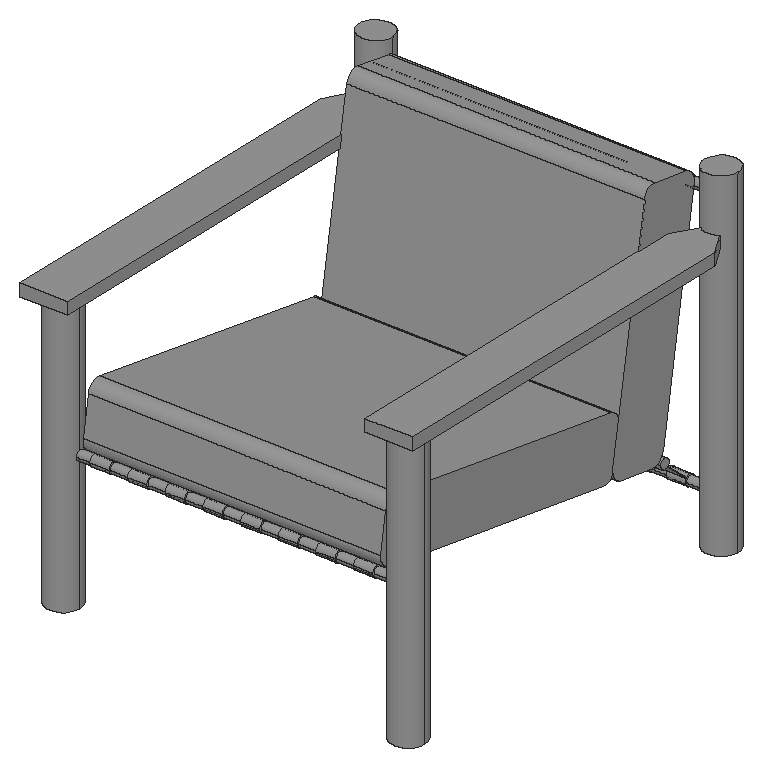
Revit family "13285 Кресло «Eco lounge» Хоббика", category Антураж, Revit 2018
Family settings
  На основе рабочей плоскости = Нет
  Всегда вертикально = Да
  При загрузке вырезать с полостями = Нет
  Источник визуального образа = Геометрия семейства
  Общий = Нет
  Точка расчета площади = Нет
Parameters (values of type "Версия лиственница")
  Ширина = 900 mm  # constant formula
  Цвет подушек = Подушка
  Цвет отделки = Ангарская сосна
  Описание = if(Версия ангарская сосна, "Кресло «Eco lounge». Версия ангарская сосна", "Кресло «Eco lounge». Версия лиственница")  # "Кресло «Eco lounge». Версия лиственница"
  Материал изделия = "Дерево"  # constant formula
  Изображение типоразмера = Кресло «Eco lounge» Арт 13285.jpg
  Изготовитель = "ООО «Хоббика»"  # constant formula
  Длина = 820 mm  # constant formula
  Группа модели = "Мебель для дома и террас"  # constant formula
  Высота = 710 mm  # constant formula
  Версия лиственница = not(Версия ангарская сосна)  # yes
  Версия ангарская сосна = no
  Артикул товара = "Арт 13285"  # constant formula
  URL = "https://hobbyka.ru/product/kreslo_eco_lounge"
Types (3, lengths in mm): name | Описание | Версия лиственница | Версия ангарская сосна
  (no name) | "Кресло «Eco lounge». Версия лиственница" | yes | no
  Версия ангарская сосна | "Кресло «Eco lounge». Версия ангарская сосна" | no | yes
  Версия лиственница | "Кресло «Eco lounge». Версия лиственница" | yes | no
Reference planes
  plane 1 "По центру (Вперед/Назад)": y = 0
  plane 2: z = 0
  plane 3 "По центру (Влево/Вправо)": x = 0
  plane 4: x = 820
  plane 5: y = 900
  plane 6: z = 710
Forms (mm)
  Extrusion 1, solid, material "Ангарская сосна" <- "Цвет отделки"
    sketch origin (0, 0, 0) x (1, 0, 0) y (0, 1, 0)
      loop
        line (28.868, 835) -> (0, 785) -> (0, 0) -> (100, 0) -> (100, 785) -> (71.132, 835) -> (28.868, 835)
      loop
        line (820, 0) -> (820, 785) -> (791.132, 835) -> (748.868, 835) -> (720, 785) -> (720, 0) -> (820, 0)
    from 575 to 600
  Extrusion 2, solid, material "Ангарская сосна" <- "Цвет отделки"
    sketch origin (0, 0, 0) x (1, 0, 0) y (0, 1, 0)
      loop
        circle (50, 865) r 35
      loop
        circle (770, 865) r 35
    from 0 to 710
  Extrusion 3, solid, material "Ангарская сосна" <- "Цвет отделки"
    sketch origin (0, -815, 0) x (1, 0, 0) y (0, 1, 0)
      loop
        circle (50, 865) r 35
      loop
        circle (770, 865) r 35
    from 0 to 575
  Extrusion 4, solid, material "Ангарская сосна" <- "Цвет отделки"
    sketch origin (0, 0, 0) x (0, 1, 0) y (0, 0, 1)
      loop
        circle (50, 287.5) r 10
      loop
        circle (865, 100) r 10
      loop
        circle (865, 660) r 10
    from 50 to 770
  Extrusion 5, solid, material "Ангарская сосна" <- "Цвет отделки"
    sketch origin (0, 0, 0) x (0, 1, 0) y (0, 0, 1)
      loop
        circle (780.781, 172.368) r 10
    from 100 to 720
  Extrusion 6, solid, material "Ткань дл якаркаса"
    sketch origin (0, 0, 0) x (0, 1, 0) y (0, 0, 1)
      loop
        circle (780.781, 172.368) r 10
      loop
        circle (865, 100) r 10
      loop
        circle (50, 287.5) r 10
      loop
        circle (865, 660) r 10
      loop
        arc (863.621, 649.08) -> (872.187, 651.81) -> (875.858, 660.016) r 11.005
        arc (875.858, 660.016) -> (864.939, 670.936) -> (854.019, 660.016) r 10.92
        arc (854.019, 660.016) -> (856.484, 653.06) -> (862.778, 649.208) r 11.047
        line (862.778, 649.208) -> (782.152, 183.23)
        arc (782.152, 183.23) -> (774.401, 181.273) -> (770.05, 174.565) r 10.94
        line (770.05, 174.565) -> (60.933, 286.284)
        arc (60.933, 286.284) -> (50.609, 298.483) -> (39, 287.5) r 11
        arc (39, 287.5) -> (48.892, 276.556) -> (60.777, 285.296) r 11
        line (60.777, 285.296) -> (769.895, 173.577)
        arc (769.895, 173.577) -> (776.253, 162.379) -> (788.88, 164.902) r 10.992
        line (788.88, 164.902) -> (856.34, 106.782)
        arc (856.34, 106.782) -> (861.413, 89.601) -> (876, 100) r 11
        arc (876, 100) -> (869.056, 110.225) -> (856.991, 107.541) r 11
        line (856.991, 107.541) -> (789.447, 165.58)
        arc (789.447, 165.58) -> (791.153, 168.761) -> (791.743, 172.322) r 11.046
        arc (791.743, 172.322) -> (789.325, 179.203) -> (783.134, 183.058) r 11
        line (783.134, 183.058) -> (863.621, 649.08)
    from 115 to 155
  Extrusion 7, solid, material "Ткань дл якаркаса"
    sketch origin (0, 0, 0) x (0, 1, 0) y (0, 0, 1)
      loop
        circle (780.781, 172.368) r 10
      loop
        circle (865, 100) r 10
      loop
        circle (50, 287.5) r 10
      loop
        circle (865, 660) r 10
      loop
        arc (863.621, 649.08) -> (872.187, 651.81) -> (875.858, 660.016) r 11.005
        arc (875.858, 660.016) -> (864.939, 670.936) -> (854.019, 660.016) r 10.92
        arc (854.019, 660.016) -> (856.484, 653.06) -> (862.778, 649.208) r 11.047
        line (862.778, 649.208) -> (782.152, 183.23)
        arc (782.152, 183.23) -> (774.401, 181.273) -> (770.05, 174.565) r 10.94
        line (770.05, 174.565) -> (60.933, 286.284)
        arc (60.933, 286.284) -> (50.609, 298.483) -> (39, 287.5) r 11
        arc (39, 287.5) -> (48.892, 276.556) -> (60.777, 285.296) r 11
        line (60.777, 285.296) -> (769.895, 173.577)
        arc (769.895, 173.577) -> (776.253, 162.379) -> (788.88, 164.902) r 10.992
        line (788.88, 164.902) -> (856.34, 106.782)
        arc (856.34, 106.782) -> (861.413, 89.601) -> (876, 100) r 11
        arc (876, 100) -> (869.056, 110.225) -> (856.991, 107.541) r 11
        line (856.991, 107.541) -> (789.447, 165.58)
        arc (789.447, 165.58) -> (791.153, 168.761) -> (791.743, 172.322) r 11.046
        arc (791.743, 172.322) -> (789.325, 179.203) -> (783.134, 183.058) r 11
        line (783.134, 183.058) -> (863.621, 649.08)
    from 193.571 to 233.571
  Extrusion 8, solid, material "Ткань дл якаркаса"
    sketch origin (0, 0, 0) x (0, 1, 0) y (0, 0, 1)
      loop
        circle (780.781, 172.368) r 10
      loop
        circle (865, 100) r 10
      loop
        circle (50, 287.5) r 10
      loop
        circle (865, 660) r 10
      loop
        arc (863.621, 649.08) -> (872.187, 651.81) -> (875.858, 660.016) r 11.005
        arc (875.858, 660.016) -> (864.939, 670.936) -> (854.019, 660.016) r 10.92
        arc (854.019, 660.016) -> (856.484, 653.06) -> (862.778, 649.208) r 11.047
        line (862.778, 649.208) -> (782.152, 183.23)
        arc (782.152, 183.23) -> (774.401, 181.273) -> (770.05, 174.565) r 10.94
        line (770.05, 174.565) -> (60.933, 286.284)
        arc (60.933, 286.284) -> (50.609, 298.483) -> (39, 287.5) r 11
        arc (39, 287.5) -> (48.892, 276.556) -> (60.777, 285.296) r 11
        line (60.777, 285.296) -> (769.895, 173.577)
        arc (769.895, 173.577) -> (776.253, 162.379) -> (788.88, 164.902) r 10.992
        line (788.88, 164.902) -> (856.34, 106.782)
        arc (856.34, 106.782) -> (861.413, 89.601) -> (876, 100) r 11
        arc (876, 100) -> (869.056, 110.225) -> (856.991, 107.541) r 11
        line (856.991, 107.541) -> (789.447, 165.58)
        arc (789.447, 165.58) -> (791.153, 168.761) -> (791.743, 172.322) r 11.046
        arc (791.743, 172.322) -> (789.325, 179.203) -> (783.134, 183.058) r 11
        line (783.134, 183.058) -> (863.621, 649.08)
    from 272.143 to 312.143
  Extrusion 9, solid, material "Ткань дл якаркаса"
    sketch origin (0, 0, 0) x (0, 1, 0) y (0, 0, 1)
      loop
        circle (780.781, 172.368) r 10
      loop
        circle (865, 100) r 10
      loop
        circle (50, 287.5) r 10
      loop
        circle (865, 660) r 10
      loop
        arc (863.621, 649.08) -> (872.187, 651.81) -> (875.858, 660.016) r 11.005
        arc (875.858, 660.016) -> (864.939, 670.936) -> (854.019, 660.016) r 10.92
        arc (854.019, 660.016) -> (856.484, 653.06) -> (862.778, 649.208) r 11.047
        line (862.778, 649.208) -> (782.152, 183.23)
        arc (782.152, 183.23) -> (774.401, 181.273) -> (770.05, 174.565) r 10.94
        line (770.05, 174.565) -> (60.933, 286.284)
        arc (60.933, 286.284) -> (50.609, 298.483) -> (39, 287.5) r 11
        arc (39, 287.5) -> (48.892, 276.556) -> (60.777, 285.296) r 11
        line (60.777, 285.296) -> (769.895, 173.577)
        arc (769.895, 173.577) -> (776.253, 162.379) -> (788.88, 164.902) r 10.992
        line (788.88, 164.902) -> (856.34, 106.782)
        arc (856.34, 106.782) -> (861.413, 89.601) -> (876, 100) r 11
        arc (876, 100) -> (869.056, 110.225) -> (856.991, 107.541) r 11
        line (856.991, 107.541) -> (789.447, 165.58)
        arc (789.447, 165.58) -> (791.153, 168.761) -> (791.743, 172.322) r 11.046
        arc (791.743, 172.322) -> (789.325, 179.203) -> (783.134, 183.058) r 11
        line (783.134, 183.058) -> (863.621, 649.08)
    from 350.714 to 390.714
  Extrusion 10, solid, material "Ткань дл якаркаса"
    sketch origin (0, 0, 0) x (0, 1, 0) y (0, 0, 1)
      loop
        circle (780.781, 172.368) r 10
      loop
        circle (865, 100) r 10
      loop
        circle (50, 287.5) r 10
      loop
        circle (865, 660) r 10
      loop
        arc (863.621, 649.08) -> (872.187, 651.81) -> (875.858, 660.016) r 11.005
        arc (875.858, 660.016) -> (864.939, 670.936) -> (854.019, 660.016) r 10.92
        arc (854.019, 660.016) -> (856.484, 653.06) -> (862.778, 649.208) r 11.047
        line (862.778, 649.208) -> (782.152, 183.23)
        arc (782.152, 183.23) -> (774.401, 181.273) -> (770.05, 174.565) r 10.94
        line (770.05, 174.565) -> (60.933, 286.284)
        arc (60.933, 286.284) -> (50.609, 298.483) -> (39, 287.5) r 11
        arc (39, 287.5) -> (48.892, 276.556) -> (60.777, 285.296) r 11
        line (60.777, 285.296) -> (769.895, 173.577)
        arc (769.895, 173.577) -> (776.253, 162.379) -> (788.88, 164.902) r 10.992
        line (788.88, 164.902) -> (856.34, 106.782)
        arc (856.34, 106.782) -> (861.413, 89.601) -> (876, 100) r 11
        arc (876, 100) -> (869.056, 110.225) -> (856.991, 107.541) r 11
        line (856.991, 107.541) -> (789.447, 165.58)
        arc (789.447, 165.58) -> (791.153, 168.761) -> (791.743, 172.322) r 11.046
        arc (791.743, 172.322) -> (789.325, 179.203) -> (783.134, 183.058) r 11
        line (783.134, 183.058) -> (863.621, 649.08)
    from 429.286 to 469.286
  Extrusion 11, solid, material "Ткань дл якаркаса"
    sketch origin (0, 0, 0) x (0, 1, 0) y (0, 0, 1)
      loop
        circle (780.781, 172.368) r 10
      loop
        circle (865, 100) r 10
      loop
        circle (50, 287.5) r 10
      loop
        circle (865, 660) r 10
      loop
        arc (863.621, 649.08) -> (872.187, 651.81) -> (875.858, 660.016) r 11.005
        arc (875.858, 660.016) -> (864.939, 670.936) -> (854.019, 660.016) r 10.92
        arc (854.019, 660.016) -> (856.484, 653.06) -> (862.778, 649.208) r 11.047
        line (862.778, 649.208) -> (782.152, 183.23)
        arc (782.152, 183.23) -> (774.401, 181.273) -> (770.05, 174.565) r 10.94
        line (770.05, 174.565) -> (60.933, 286.284)
        arc (60.933, 286.284) -> (50.609, 298.483) -> (39, 287.5) r 11
        arc (39, 287.5) -> (48.892, 276.556) -> (60.777, 285.296) r 11
        line (60.777, 285.296) -> (769.895, 173.577)
        arc (769.895, 173.577) -> (776.253, 162.379) -> (788.88, 164.902) r 10.992
        line (788.88, 164.902) -> (856.34, 106.782)
        arc (856.34, 106.782) -> (861.413, 89.601) -> (876, 100) r 11
        arc (876, 100) -> (869.056, 110.225) -> (856.991, 107.541) r 11
        line (856.991, 107.541) -> (789.447, 165.58)
        arc (789.447, 165.58) -> (791.153, 168.761) -> (791.743, 172.322) r 11.046
        arc (791.743, 172.322) -> (789.325, 179.203) -> (783.134, 183.058) r 11
        line (783.134, 183.058) -> (863.621, 649.08)
    from 507.857 to 547.857
  Extrusion 12, solid, material "Ткань дл якаркаса"
    sketch origin (0, 0, 0) x (0, 1, 0) y (0, 0, 1)
      loop
        circle (780.781, 172.368) r 10
      loop
        circle (865, 100) r 10
      loop
        circle (50, 287.5) r 10
      loop
        circle (865, 660) r 10
      loop
        arc (863.621, 649.08) -> (872.187, 651.81) -> (875.858, 660.016) r 11.005
        arc (875.858, 660.016) -> (864.939, 670.936) -> (854.019, 660.016) r 10.92
        arc (854.019, 660.016) -> (856.484, 653.06) -> (862.778, 649.208) r 11.047
        line (862.778, 649.208) -> (782.152, 183.23)
        arc (782.152, 183.23) -> (774.401, 181.273) -> (770.05, 174.565) r 10.94
        line (770.05, 174.565) -> (60.933, 286.284)
        arc (60.933, 286.284) -> (50.609, 298.483) -> (39, 287.5) r 11
        arc (39, 287.5) -> (48.892, 276.556) -> (60.777, 285.296) r 11
        line (60.777, 285.296) -> (769.895, 173.577)
        arc (769.895, 173.577) -> (776.253, 162.379) -> (788.88, 164.902) r 10.992
        line (788.88, 164.902) -> (856.34, 106.782)
        arc (856.34, 106.782) -> (861.413, 89.601) -> (876, 100) r 11
        arc (876, 100) -> (869.056, 110.225) -> (856.991, 107.541) r 11
        line (856.991, 107.541) -> (789.447, 165.58)
        arc (789.447, 165.58) -> (791.153, 168.761) -> (791.743, 172.322) r 11.046
        arc (791.743, 172.322) -> (789.325, 179.203) -> (783.134, 183.058) r 11
        line (783.134, 183.058) -> (863.621, 649.08)
    from 586.429 to 626.429
  Extrusion 13, solid, material "Ткань дл якаркаса"
    sketch origin (0, 0, 0) x (0, 1, 0) y (0, 0, 1)
      loop
        circle (780.781, 172.368) r 10
      loop
        circle (865, 100) r 10
      loop
        circle (50, 287.5) r 10
      loop
        circle (865, 660) r 10
      loop
        arc (863.621, 649.08) -> (872.187, 651.81) -> (875.858, 660.016) r 11.005
        arc (875.858, 660.016) -> (864.939, 670.936) -> (854.019, 660.016) r 10.92
        arc (854.019, 660.016) -> (856.484, 653.06) -> (862.778, 649.208) r 11.047
        line (862.778, 649.208) -> (782.152, 183.23)
        arc (782.152, 183.23) -> (774.401, 181.273) -> (770.05, 174.565) r 10.94
        line (770.05, 174.565) -> (60.933, 286.284)
        arc (60.933, 286.284) -> (50.609, 298.483) -> (39, 287.5) r 11
        arc (39, 287.5) -> (48.892, 276.556) -> (60.777, 285.296) r 11
        line (60.777, 285.296) -> (769.895, 173.577)
        arc (769.895, 173.577) -> (776.253, 162.379) -> (788.88, 164.902) r 10.992
        line (788.88, 164.902) -> (856.34, 106.782)
        arc (856.34, 106.782) -> (861.413, 89.601) -> (876, 100) r 11
        arc (876, 100) -> (869.056, 110.225) -> (856.991, 107.541) r 11
        line (856.991, 107.541) -> (789.447, 165.58)
        arc (789.447, 165.58) -> (791.153, 168.761) -> (791.743, 172.322) r 11.046
        arc (791.743, 172.322) -> (789.325, 179.203) -> (783.134, 183.058) r 11
        line (783.134, 183.058) -> (863.621, 649.08)
    from 665 to 705
  Extrusion 14, solid, material "Подушка" <- "Цвет подушек"
    sketch origin (0, -60.914, 59.335) x (0, 0.999983, 0.005795) y (0, -0.005795, 0.999983)
      loop
        arc (919.849, 601.884) -> (915.756, 620.575) -> (899.644, 630.897) r 25
        line (899.644, 630.897) -> (820.895, 644.989)
        arc (820.895, 644.989) -> (802.204, 640.895) -> (791.882, 624.783) r 25
        line (791.882, 624.783) -> (708.212, 157.211)
        arc (708.212, 157.211) -> (712.306, 138.52) -> (728.417, 128.198) r 25
        line (728.417, 128.198) -> (807.166, 114.106)
        arc (807.166, 114.106) -> (825.857, 118.2) -> (836.179, 134.311) r 25
        line (836.179, 134.311) -> (919.849, 601.884)
    from 100 to 720
  Extrusion 15, solid, material "Подушка" <- "Цвет подушек"
    sketch origin (0, 779.41, -506.335) x (0, -0.006483, 0.999979) y (0, -0.999979, -0.006483)
      loop
        arc (935.703, 690.477) -> (931.609, 709.168) -> (915.497, 719.49) r 25
        line (915.497, 719.49) -> (836.748, 733.582)
        arc (836.748, 733.582) -> (818.057, 729.488) -> (807.736, 713.376) r 25
        line (807.736, 713.376) -> (708.212, 157.211)
        arc (708.212, 157.211) -> (712.306, 138.52) -> (728.417, 128.198) r 25
        line (728.417, 128.198) -> (807.166, 114.106)
        arc (807.166, 114.106) -> (825.857, 118.2) -> (836.179, 134.311) r 25
        line (836.179, 134.311) -> (935.703, 690.477)
    from 100 to 720
Cuts and joins
  joined: Extrusion 1, Extrusion 2, Extrusion 3
Dimensions and locks
  "Ширина": plane 5 to plane 1 "По центру (Вперед/Назад)"
  "Длина": plane 3 "По центру (Влево/Вправо)" to plane 4
  "Высота": plane 6 to plane 2
  aligned and locked: level to plane 2
Automatic sketch dimensions
  plane 1 "По центру (Вперед/Назад)" to Extrusion 1 sketch curve = 0 mm  (x2)
  Extrusion 1 sketch curve to plane 3 "По центру (Влево/Вправо)" = 0 mm
  Extrusion 1 sketch curve to plane 4 = 0 mm
  plane 3 "По центру (Влево/Вправо)" to Extrusion 1 sketch curve = 28.868 mm
  Extrusion 1 sketch curve to Extrusion 1 sketch curve = 42.265 mm
  plane 3 "По центру (Влево/Вправо)" to Extrusion 1 sketch curve = 100 mm
  Extrusion 1 sketch curve to plane 4 = 100 mm
  Extrusion 1 sketch curve to Extrusion 1 sketch curve = 28.868 mm
  Extrusion 1 sketch curve to plane 4 = 28.868 mm
  Extrusion 1 sketch curve to plane 5 = 115 mm  (x2)
  Extrusion 1 sketch curve to Extrusion 1 sketch curve = 0 mm  (x2)
  Extrusion 1 sketch curve to Extrusion 1 sketch curve = 50 mm  (x2)
  plane 3 "По центру (Влево/Вправо)" to Extrusion 2 sketch curve = 50 mm
  Extrusion 2 sketch curve to plane 4 = 50 mm
  Extrusion 2 sketch curve to plane 5 = 35 mm  (x2)
  plane 3 "По центру (Влево/Вправо)" to Extrusion 3 sketch curve = 50 mm
  Extrusion 3 sketch curve to plane 4 = 50 mm
  Extrusion 3 sketch curve to plane 1 "По центру (Вперед/Назад)" = 50 mm  (x2)
  Extrusion 4 sketch curve to plane 1 "По центру (Вперед/Назад)" = 50 mm
  Extrusion 4 sketch curve to plane 5 = 35 mm  (x2)
  level to Extrusion 4 sketch curve = 100 mm
  level to Extrusion 4 sketch curve = 287.5 mm
  Extrusion 4 sketch curve to plane 6 = 50 mm
  Extrusion 5 sketch curve to plane 5 = 119.219 mm
  level to Extrusion 5 sketch curve = 172.368 mm
  Extrusion 6 sketch curve to Extrusion 6 sketch curve = 0 mm  (x28)
  Extrusion 6 sketch curve to plane 1 "По центру (Вперед/Назад)" = 50 mm
  Extrusion 6 sketch curve to Extrusion 6 sketch curve = 10.777 mm
  Extrusion 6 sketch curve to Extrusion 6 sketch curve = 0.156 mm
  Extrusion 6 sketch curve to plane 5 = 130.105 mm
  Extrusion 6 sketch curve to Extrusion 6 sketch curve = 0.155 mm
  Extrusion 6 sketch curve to Extrusion 6 sketch curve = 10.802 mm
  Extrusion 6 sketch curve to Extrusion 6 sketch curve = 0.046 mm
  Extrusion 6 sketch curve to Extrusion 6 sketch curve = 0.026 mm
  Extrusion 6 sketch curve to Extrusion 6 sketch curve = 0.011 mm
  Extrusion 6 sketch curve to Extrusion 6 sketch curve = 0.041 mm
  Extrusion 6 sketch curve to Extrusion 6 sketch curve = 1.331 mm
  Extrusion 6 sketch curve to Extrusion 6 sketch curve = 0.982 mm
  Extrusion 6 sketch curve to Extrusion 6 sketch curve = 8.059 mm
  Extrusion 6 sketch curve to Extrusion 6 sketch curve = 0.567 mm
  Extrusion 6 sketch curve to plane 5 = 43.66 mm
  Extrusion 6 sketch curve to Extrusion 6 sketch curve = 0.652 mm
  Extrusion 6 sketch curve to plane 5 = 37.222 mm
  Extrusion 6 sketch curve to Extrusion 6 sketch curve = 0.843 mm
  Extrusion 6 sketch curve to Extrusion 6 sketch curve = 1.232 mm
  Extrusion 6 sketch curve to Extrusion 6 sketch curve = 0.086 mm
  Extrusion 6 sketch curve to Extrusion 6 sketch curve = 8.009 mm
  Extrusion 6 sketch curve to Extrusion 6 sketch curve = 0.061 mm
  Extrusion 6 sketch curve to Extrusion 6 sketch curve = 0.067 mm
  level to Extrusion 6 sketch curve = 100 mm
  Extrusion 6 sketch curve to Extrusion 6 sketch curve = 6.782 mm
  Extrusion 6 sketch curve to Extrusion 6 sketch curve = 58.12 mm
  Extrusion 6 sketch curve to Extrusion 6 sketch curve = 0.678 mm
  Extrusion 6 sketch curve to Extrusion 6 sketch curve = 6.741 mm
  Extrusion 6 sketch curve to Extrusion 6 sketch curve = 0.047 mm
  Extrusion 6 sketch curve to Extrusion 6 sketch curve = 0.009 mm  (x2)
  Extrusion 6 sketch curve to Extrusion 6 sketch curve = 0.988 mm  (x2)
  level to Extrusion 6 sketch curve = 285.296 mm
  Extrusion 6 sketch curve to plane 6 = 60.92 mm
  Extrusion 6 sketch curve to Extrusion 6 sketch curve = 0.128 mm
  Extrusion 6 sketch curve to Extrusion 6 sketch curve = 0.016 mm
  Extrusion 6 sketch curve to Extrusion 6 sketch curve = 1 mm
  Extrusion 6 sketch curve to Extrusion 6 sketch curve = 0.886 mm
  Extrusion 6 sketch curve to Extrusion 6 sketch curve = 1.34 mm
  Extrusion 6 sketch curve to Extrusion 6 sketch curve = 0.981 mm
  Extrusion 7 sketch curve to Extrusion 7 sketch curve = 0 mm  (x28)
  Extrusion 7 sketch curve to plane 1 "По центру (Вперед/Назад)" = 50 mm
  Extrusion 7 sketch curve to Extrusion 7 sketch curve = 10.777 mm
  Extrusion 7 sketch curve to Extrusion 7 sketch curve = 0.156 mm
  Extrusion 7 sketch curve to plane 5 = 130.105 mm
  Extrusion 7 sketch curve to Extrusion 7 sketch curve = 0.155 mm
  Extrusion 7 sketch curve to Extrusion 7 sketch curve = 10.802 mm
  Extrusion 7 sketch curve to Extrusion 7 sketch curve = 0.046 mm
  Extrusion 7 sketch curve to Extrusion 7 sketch curve = 0.026 mm
  Extrusion 7 sketch curve to Extrusion 7 sketch curve = 0.011 mm
  Extrusion 7 sketch curve to Extrusion 7 sketch curve = 0.041 mm
  Extrusion 7 sketch curve to Extrusion 7 sketch curve = 1.331 mm
  Extrusion 7 sketch curve to Extrusion 7 sketch curve = 0.982 mm
  Extrusion 7 sketch curve to Extrusion 7 sketch curve = 8.059 mm
  Extrusion 7 sketch curve to Extrusion 7 sketch curve = 0.567 mm
  Extrusion 7 sketch curve to plane 5 = 43.66 mm
  Extrusion 7 sketch curve to Extrusion 7 sketch curve = 0.652 mm
  Extrusion 7 sketch curve to plane 5 = 37.222 mm
  Extrusion 7 sketch curve to Extrusion 7 sketch curve = 0.843 mm
  Extrusion 7 sketch curve to Extrusion 7 sketch curve = 1.232 mm
  Extrusion 7 sketch curve to Extrusion 7 sketch curve = 0.086 mm
  Extrusion 7 sketch curve to Extrusion 7 sketch curve = 8.009 mm
  Extrusion 7 sketch curve to Extrusion 7 sketch curve = 0.061 mm
  Extrusion 7 sketch curve to Extrusion 7 sketch curve = 0.067 mm
  level to Extrusion 7 sketch curve = 100 mm
  Extrusion 7 sketch curve to Extrusion 7 sketch curve = 6.782 mm
  Extrusion 7 sketch curve to Extrusion 7 sketch curve = 58.12 mm
  Extrusion 7 sketch curve to Extrusion 7 sketch curve = 0.678 mm
  Extrusion 7 sketch curve to Extrusion 7 sketch curve = 6.741 mm
  Extrusion 7 sketch curve to Extrusion 7 sketch curve = 0.047 mm
  Extrusion 7 sketch curve to Extrusion 7 sketch curve = 0.009 mm  (x2)
  Extrusion 7 sketch curve to Extrusion 7 sketch curve = 0.988 mm  (x2)
  level to Extrusion 7 sketch curve = 285.296 mm
  Extrusion 7 sketch curve to plane 6 = 60.92 mm
  Extrusion 7 sketch curve to Extrusion 7 sketch curve = 0.128 mm
  Extrusion 7 sketch curve to Extrusion 7 sketch curve = 0.016 mm
  Extrusion 7 sketch curve to Extrusion 7 sketch curve = 1 mm
  Extrusion 7 sketch curve to Extrusion 7 sketch curve = 0.886 mm
  Extrusion 7 sketch curve to Extrusion 7 sketch curve = 1.34 mm
  Extrusion 7 sketch curve to Extrusion 7 sketch curve = 0.981 mm
  Extrusion 8 sketch curve to Extrusion 8 sketch curve = 0 mm  (x28)
  Extrusion 8 sketch curve to plane 1 "По центру (Вперед/Назад)" = 50 mm
  Extrusion 8 sketch curve to Extrusion 8 sketch curve = 10.777 mm
  Extrusion 8 sketch curve to Extrusion 8 sketch curve = 0.156 mm
  Extrusion 8 sketch curve to plane 5 = 130.105 mm
  Extrusion 8 sketch curve to Extrusion 8 sketch curve = 0.155 mm
  Extrusion 8 sketch curve to Extrusion 8 sketch curve = 10.802 mm
  Extrusion 8 sketch curve to Extrusion 8 sketch curve = 0.046 mm
  Extrusion 8 sketch curve to Extrusion 8 sketch curve = 0.026 mm
  Extrusion 8 sketch curve to Extrusion 8 sketch curve = 0.011 mm
  Extrusion 8 sketch curve to Extrusion 8 sketch curve = 0.041 mm
  Extrusion 8 sketch curve to Extrusion 8 sketch curve = 1.331 mm
  Extrusion 8 sketch curve to Extrusion 8 sketch curve = 0.982 mm
  Extrusion 8 sketch curve to Extrusion 8 sketch curve = 8.059 mm
  Extrusion 8 sketch curve to Extrusion 8 sketch curve = 0.567 mm
  Extrusion 8 sketch curve to plane 5 = 43.66 mm
  Extrusion 8 sketch curve to Extrusion 8 sketch curve = 0.652 mm
  Extrusion 8 sketch curve to plane 5 = 37.222 mm
  Extrusion 8 sketch curve to Extrusion 8 sketch curve = 0.843 mm
  Extrusion 8 sketch curve to Extrusion 8 sketch curve = 1.232 mm
  Extrusion 8 sketch curve to Extrusion 8 sketch curve = 0.086 mm
  Extrusion 8 sketch curve to Extrusion 8 sketch curve = 8.009 mm
  Extrusion 8 sketch curve to Extrusion 8 sketch curve = 0.061 mm
  Extrusion 8 sketch curve to Extrusion 8 sketch curve = 0.067 mm
  level to Extrusion 8 sketch curve = 100 mm
  Extrusion 8 sketch curve to Extrusion 8 sketch curve = 6.782 mm
  Extrusion 8 sketch curve to Extrusion 8 sketch curve = 58.12 mm
  Extrusion 8 sketch curve to Extrusion 8 sketch curve = 0.678 mm
  Extrusion 8 sketch curve to Extrusion 8 sketch curve = 6.741 mm
  Extrusion 8 sketch curve to Extrusion 8 sketch curve = 0.047 mm
  Extrusion 8 sketch curve to Extrusion 8 sketch curve = 0.009 mm  (x2)
  Extrusion 8 sketch curve to Extrusion 8 sketch curve = 0.988 mm  (x2)
  level to Extrusion 8 sketch curve = 285.296 mm
  Extrusion 8 sketch curve to plane 6 = 60.92 mm
  Extrusion 8 sketch curve to Extrusion 8 sketch curve = 0.128 mm
  Extrusion 8 sketch curve to Extrusion 8 sketch curve = 0.016 mm
  Extrusion 8 sketch curve to Extrusion 8 sketch curve = 1 mm
  Extrusion 8 sketch curve to Extrusion 8 sketch curve = 0.886 mm
  Extrusion 8 sketch curve to Extrusion 8 sketch curve = 1.34 mm
  Extrusion 8 sketch curve to Extrusion 8 sketch curve = 0.981 mm
  Extrusion 9 sketch curve to Extrusion 9 sketch curve = 0 mm  (x28)
  Extrusion 9 sketch curve to plane 1 "По центру (Вперед/Назад)" = 50 mm
  Extrusion 9 sketch curve to Extrusion 9 sketch curve = 10.777 mm
  Extrusion 9 sketch curve to Extrusion 9 sketch curve = 0.156 mm
  Extrusion 9 sketch curve to plane 5 = 130.105 mm
  Extrusion 9 sketch curve to Extrusion 9 sketch curve = 0.155 mm
  Extrusion 9 sketch curve to Extrusion 9 sketch curve = 10.802 mm
  Extrusion 9 sketch curve to Extrusion 9 sketch curve = 0.046 mm
  Extrusion 9 sketch curve to Extrusion 9 sketch curve = 0.026 mm
  Extrusion 9 sketch curve to Extrusion 9 sketch curve = 0.011 mm
  Extrusion 9 sketch curve to Extrusion 9 sketch curve = 0.041 mm
  Extrusion 9 sketch curve to Extrusion 9 sketch curve = 1.331 mm
  Extrusion 9 sketch curve to Extrusion 9 sketch curve = 0.982 mm
  Extrusion 9 sketch curve to Extrusion 9 sketch curve = 8.059 mm
  Extrusion 9 sketch curve to Extrusion 9 sketch curve = 0.567 mm
  Extrusion 9 sketch curve to plane 5 = 43.66 mm
  Extrusion 9 sketch curve to Extrusion 9 sketch curve = 0.652 mm
  Extrusion 9 sketch curve to plane 5 = 37.222 mm
  Extrusion 9 sketch curve to Extrusion 9 sketch curve = 0.843 mm
  Extrusion 9 sketch curve to Extrusion 9 sketch curve = 1.232 mm
  Extrusion 9 sketch curve to Extrusion 9 sketch curve = 0.086 mm
  Extrusion 9 sketch curve to Extrusion 9 sketch curve = 8.009 mm
  Extrusion 9 sketch curve to Extrusion 9 sketch curve = 0.061 mm
  Extrusion 9 sketch curve to Extrusion 9 sketch curve = 0.067 mm
  level to Extrusion 9 sketch curve = 100 mm
  Extrusion 9 sketch curve to Extrusion 9 sketch curve = 6.782 mm
  Extrusion 9 sketch curve to Extrusion 9 sketch curve = 58.12 mm
  Extrusion 9 sketch curve to Extrusion 9 sketch curve = 0.678 mm
  Extrusion 9 sketch curve to Extrusion 9 sketch curve = 6.741 mm
  Extrusion 9 sketch curve to Extrusion 9 sketch curve = 0.047 mm
  Extrusion 9 sketch curve to Extrusion 9 sketch curve = 0.009 mm  (x2)
  Extrusion 9 sketch curve to Extrusion 9 sketch curve = 0.988 mm  (x2)
  level to Extrusion 9 sketch curve = 285.296 mm
  Extrusion 9 sketch curve to plane 6 = 60.92 mm
  Extrusion 9 sketch curve to Extrusion 9 sketch curve = 0.128 mm
  Extrusion 9 sketch curve to Extrusion 9 sketch curve = 0.016 mm
  Extrusion 9 sketch curve to Extrusion 9 sketch curve = 1 mm
  Extrusion 9 sketch curve to Extrusion 9 sketch curve = 0.886 mm
  Extrusion 9 sketch curve to Extrusion 9 sketch curve = 1.34 mm
  Extrusion 9 sketch curve to Extrusion 9 sketch curve = 0.981 mm
  Extrusion 10 sketch curve to Extrusion 10 sketch curve = 0 mm  (x28)
  Extrusion 10 sketch curve to plane 1 "По центру (Вперед/Назад)" = 50 mm
  Extrusion 10 sketch curve to Extrusion 10 sketch curve = 10.777 mm
  Extrusion 10 sketch curve to Extrusion 10 sketch curve = 0.156 mm
  Extrusion 10 sketch curve to plane 5 = 130.105 mm
  Extrusion 10 sketch curve to Extrusion 10 sketch curve = 0.155 mm
  Extrusion 10 sketch curve to Extrusion 10 sketch curve = 10.802 mm
  Extrusion 10 sketch curve to Extrusion 10 sketch curve = 0.046 mm
  Extrusion 10 sketch curve to Extrusion 10 sketch curve = 0.026 mm
  Extrusion 10 sketch curve to Extrusion 10 sketch curve = 0.011 mm
  Extrusion 10 sketch curve to Extrusion 10 sketch curve = 0.041 mm
  Extrusion 10 sketch curve to Extrusion 10 sketch curve = 1.331 mm
  Extrusion 10 sketch curve to Extrusion 10 sketch curve = 0.982 mm
  Extrusion 10 sketch curve to Extrusion 10 sketch curve = 8.059 mm
  Extrusion 10 sketch curve to Extrusion 10 sketch curve = 0.567 mm
  Extrusion 10 sketch curve to plane 5 = 43.66 mm
  Extrusion 10 sketch curve to Extrusion 10 sketch curve = 0.652 mm
  Extrusion 10 sketch curve to plane 5 = 37.222 mm
  Extrusion 10 sketch curve to Extrusion 10 sketch curve = 0.843 mm
  Extrusion 10 sketch curve to Extrusion 10 sketch curve = 1.232 mm
  Extrusion 10 sketch curve to Extrusion 10 sketch curve = 0.086 mm
  Extrusion 10 sketch curve to Extrusion 10 sketch curve = 8.009 mm
  Extrusion 10 sketch curve to Extrusion 10 sketch curve = 0.061 mm
  Extrusion 10 sketch curve to Extrusion 10 sketch curve = 0.067 mm
  level to Extrusion 10 sketch curve = 100 mm
  Extrusion 10 sketch curve to Extrusion 10 sketch curve = 6.782 mm
  Extrusion 10 sketch curve to Extrusion 10 sketch curve = 58.12 mm
  Extrusion 10 sketch curve to Extrusion 10 sketch curve = 0.678 mm
  Extrusion 10 sketch curve to Extrusion 10 sketch curve = 6.741 mm
  Extrusion 10 sketch curve to Extrusion 10 sketch curve = 0.047 mm
  Extrusion 10 sketch curve to Extrusion 10 sketch curve = 0.009 mm  (x2)
  Extrusion 10 sketch curve to Extrusion 10 sketch curve = 0.988 mm  (x2)
  level to Extrusion 10 sketch curve = 285.296 mm
  Extrusion 10 sketch curve to plane 6 = 60.92 mm
  Extrusion 10 sketch curve to Extrusion 10 sketch curve = 0.128 mm
  Extrusion 10 sketch curve to Extrusion 10 sketch curve = 0.016 mm
  Extrusion 10 sketch curve to Extrusion 10 sketch curve = 1 mm
  Extrusion 10 sketch curve to Extrusion 10 sketch curve = 0.886 mm
  Extrusion 10 sketch curve to Extrusion 10 sketch curve = 1.34 mm
  Extrusion 10 sketch curve to Extrusion 10 sketch curve = 0.981 mm
  Extrusion 11 sketch curve to Extrusion 11 sketch curve = 0 mm  (x28)
  Extrusion 11 sketch curve to plane 1 "По центру (Вперед/Назад)" = 50 mm
  Extrusion 11 sketch curve to Extrusion 11 sketch curve = 10.777 mm
  Extrusion 11 sketch curve to Extrusion 11 sketch curve = 0.156 mm
  Extrusion 11 sketch curve to plane 5 = 130.105 mm
  Extrusion 11 sketch curve to Extrusion 11 sketch curve = 0.155 mm
  Extrusion 11 sketch curve to Extrusion 11 sketch curve = 10.802 mm
  Extrusion 11 sketch curve to Extrusion 11 sketch curve = 0.046 mm
  Extrusion 11 sketch curve to Extrusion 11 sketch curve = 0.026 mm
  Extrusion 11 sketch curve to Extrusion 11 sketch curve = 0.011 mm
  Extrusion 11 sketch curve to Extrusion 11 sketch curve = 0.041 mm
  Extrusion 11 sketch curve to Extrusion 11 sketch curve = 1.331 mm
  Extrusion 11 sketch curve to Extrusion 11 sketch curve = 0.982 mm
  Extrusion 11 sketch curve to Extrusion 11 sketch curve = 8.059 mm
  Extrusion 11 sketch curve to Extrusion 11 sketch curve = 0.567 mm
  Extrusion 11 sketch curve to plane 5 = 43.66 mm
  Extrusion 11 sketch curve to Extrusion 11 sketch curve = 0.652 mm
  Extrusion 11 sketch curve to plane 5 = 37.222 mm
  Extrusion 11 sketch curve to Extrusion 11 sketch curve = 0.843 mm
  Extrusion 11 sketch curve to Extrusion 11 sketch curve = 1.232 mm
  Extrusion 11 sketch curve to Extrusion 11 sketch curve = 0.086 mm
  Extrusion 11 sketch curve to Extrusion 11 sketch curve = 8.009 mm
  Extrusion 11 sketch curve to Extrusion 11 sketch curve = 0.061 mm
  Extrusion 11 sketch curve to Extrusion 11 sketch curve = 0.067 mm
  level to Extrusion 11 sketch curve = 100 mm
  Extrusion 11 sketch curve to Extrusion 11 sketch curve = 6.782 mm
  Extrusion 11 sketch curve to Extrusion 11 sketch curve = 58.12 mm
  Extrusion 11 sketch curve to Extrusion 11 sketch curve = 0.678 mm
  Extrusion 11 sketch curve to Extrusion 11 sketch curve = 6.741 mm
  Extrusion 11 sketch curve to Extrusion 11 sketch curve = 0.047 mm
  Extrusion 11 sketch curve to Extrusion 11 sketch curve = 0.009 mm  (x2)
  Extrusion 11 sketch curve to Extrusion 11 sketch curve = 0.988 mm  (x2)
  level to Extrusion 11 sketch curve = 285.296 mm
  Extrusion 11 sketch curve to plane 6 = 60.92 mm
  Extrusion 11 sketch curve to Extrusion 11 sketch curve = 0.128 mm
  Extrusion 11 sketch curve to Extrusion 11 sketch curve = 0.016 mm
  Extrusion 11 sketch curve to Extrusion 11 sketch curve = 1 mm
  Extrusion 11 sketch curve to Extrusion 11 sketch curve = 0.886 mm
  Extrusion 11 sketch curve to Extrusion 11 sketch curve = 1.34 mm
  Extrusion 11 sketch curve to Extrusion 11 sketch curve = 0.981 mm
  Extrusion 12 sketch curve to Extrusion 12 sketch curve = 0 mm  (x28)
  Extrusion 12 sketch curve to plane 1 "По центру (Вперед/Назад)" = 50 mm
  Extrusion 12 sketch curve to Extrusion 12 sketch curve = 10.777 mm
  Extrusion 12 sketch curve to Extrusion 12 sketch curve = 0.156 mm
  Extrusion 12 sketch curve to plane 5 = 130.105 mm
  Extrusion 12 sketch curve to Extrusion 12 sketch curve = 0.155 mm
  Extrusion 12 sketch curve to Extrusion 12 sketch curve = 10.802 mm
  Extrusion 12 sketch curve to Extrusion 12 sketch curve = 0.046 mm
  Extrusion 12 sketch curve to Extrusion 12 sketch curve = 0.026 mm
  Extrusion 12 sketch curve to Extrusion 12 sketch curve = 0.011 mm
  Extrusion 12 sketch curve to Extrusion 12 sketch curve = 0.041 mm
  Extrusion 12 sketch curve to Extrusion 12 sketch curve = 1.331 mm
  Extrusion 12 sketch curve to Extrusion 12 sketch curve = 0.982 mm
  Extrusion 12 sketch curve to Extrusion 12 sketch curve = 8.059 mm
  Extrusion 12 sketch curve to Extrusion 12 sketch curve = 0.567 mm
  Extrusion 12 sketch curve to plane 5 = 43.66 mm
  Extrusion 12 sketch curve to Extrusion 12 sketch curve = 0.652 mm
  Extrusion 12 sketch curve to plane 5 = 37.222 mm
  Extrusion 12 sketch curve to Extrusion 12 sketch curve = 0.843 mm
  Extrusion 12 sketch curve to Extrusion 12 sketch curve = 1.232 mm
  Extrusion 12 sketch curve to Extrusion 12 sketch curve = 0.086 mm
  Extrusion 12 sketch curve to Extrusion 12 sketch curve = 8.009 mm
  Extrusion 12 sketch curve to Extrusion 12 sketch curve = 0.061 mm
  Extrusion 12 sketch curve to Extrusion 12 sketch curve = 0.067 mm
  level to Extrusion 12 sketch curve = 100 mm
  Extrusion 12 sketch curve to Extrusion 12 sketch curve = 6.782 mm
  Extrusion 12 sketch curve to Extrusion 12 sketch curve = 58.12 mm
  Extrusion 12 sketch curve to Extrusion 12 sketch curve = 0.678 mm
  Extrusion 12 sketch curve to Extrusion 12 sketch curve = 6.741 mm
  Extrusion 12 sketch curve to Extrusion 12 sketch curve = 0.047 mm
  Extrusion 12 sketch curve to Extrusion 12 sketch curve = 0.009 mm  (x2)
  Extrusion 12 sketch curve to Extrusion 12 sketch curve = 0.988 mm  (x2)
  level to Extrusion 12 sketch curve = 285.296 mm
  Extrusion 12 sketch curve to plane 6 = 60.92 mm
  Extrusion 12 sketch curve to Extrusion 12 sketch curve = 0.128 mm
  Extrusion 12 sketch curve to Extrusion 12 sketch curve = 0.016 mm
  Extrusion 12 sketch curve to Extrusion 12 sketch curve = 1 mm
  Extrusion 12 sketch curve to Extrusion 12 sketch curve = 0.886 mm
  Extrusion 12 sketch curve to Extrusion 12 sketch curve = 1.34 mm
  Extrusion 12 sketch curve to Extrusion 12 sketch curve = 0.981 mm
  Extrusion 13 sketch curve to Extrusion 13 sketch curve = 0 mm  (x28)
  Extrusion 13 sketch curve to plane 1 "По центру (Вперед/Назад)" = 50 mm
  Extrusion 13 sketch curve to Extrusion 13 sketch curve = 10.777 mm
  Extrusion 13 sketch curve to Extrusion 13 sketch curve = 0.156 mm
  Extrusion 13 sketch curve to plane 5 = 130.105 mm
  Extrusion 13 sketch curve to Extrusion 13 sketch curve = 0.155 mm
  Extrusion 13 sketch curve to Extrusion 13 sketch curve = 10.802 mm
  Extrusion 13 sketch curve to Extrusion 13 sketch curve = 0.046 mm
  Extrusion 13 sketch curve to Extrusion 13 sketch curve = 0.026 mm
  Extrusion 13 sketch curve to Extrusion 13 sketch curve = 0.011 mm
  Extrusion 13 sketch curve to Extrusion 13 sketch curve = 0.041 mm
  Extrusion 13 sketch curve to Extrusion 13 sketch curve = 1.331 mm
  Extrusion 13 sketch curve to Extrusion 13 sketch curve = 0.982 mm
  Extrusion 13 sketch curve to Extrusion 13 sketch curve = 8.059 mm
  Extrusion 13 sketch curve to Extrusion 13 sketch curve = 0.567 mm
  Extrusion 13 sketch curve to plane 5 = 43.66 mm
  Extrusion 13 sketch curve to Extrusion 13 sketch curve = 0.652 mm
  Extrusion 13 sketch curve to plane 5 = 37.222 mm
  Extrusion 13 sketch curve to Extrusion 13 sketch curve = 0.843 mm
  Extrusion 13 sketch curve to Extrusion 13 sketch curve = 1.232 mm
  Extrusion 13 sketch curve to Extrusion 13 sketch curve = 0.086 mm
  Extrusion 13 sketch curve to Extrusion 13 sketch curve = 8.009 mm
  Extrusion 13 sketch curve to Extrusion 13 sketch curve = 0.061 mm
  Extrusion 13 sketch curve to Extrusion 13 sketch curve = 0.067 mm
  level to Extrusion 13 sketch curve = 100 mm
  Extrusion 13 sketch curve to Extrusion 13 sketch curve = 6.782 mm
  Extrusion 13 sketch curve to Extrusion 13 sketch curve = 58.12 mm
  Extrusion 13 sketch curve to Extrusion 13 sketch curve = 0.678 mm
  Extrusion 13 sketch curve to Extrusion 13 sketch curve = 6.741 mm
  Extrusion 13 sketch curve to Extrusion 13 sketch curve = 0.047 mm
  Extrusion 13 sketch curve to Extrusion 13 sketch curve = 0.009 mm  (x2)
  Extrusion 13 sketch curve to Extrusion 13 sketch curve = 0.988 mm  (x2)
  level to Extrusion 13 sketch curve = 285.296 mm
  Extrusion 13 sketch curve to plane 6 = 60.92 mm
  Extrusion 13 sketch curve to Extrusion 13 sketch curve = 0.128 mm
  Extrusion 13 sketch curve to Extrusion 13 sketch curve = 0.016 mm
  Extrusion 13 sketch curve to Extrusion 13 sketch curve = 1 mm
  Extrusion 13 sketch curve to Extrusion 13 sketch curve = 0.886 mm
  Extrusion 13 sketch curve to Extrusion 13 sketch curve = 1.34 mm
  Extrusion 13 sketch curve to Extrusion 13 sketch curve = 0.981 mm
  level to Extrusion 14 sketch curve = 220.647 mm
  Extrusion 14 sketch curve to plane 5 = 253.625 mm
  Extrusion 14 sketch curve to Extrusion 14 sketch curve = 20.205 mm
  Extrusion 14 sketch curve to Extrusion 14 sketch curve = 24.609 mm  (x4)
  Extrusion 14 sketch curve to Extrusion 14 sketch curve = 83.67 mm
  Extrusion 14 sketch curve to Extrusion 14 sketch curve = 78.749 mm  (x2)
  Extrusion 14 sketch curve to Extrusion 14 sketch curve = 4.404 mm  (x7)
  Extrusion 14 sketch curve to Extrusion 14 sketch curve = 14.092 mm  (x2)
  Extrusion 14 sketch curve to Extrusion 14 sketch curve = 467.573 mm
  level to Extrusion 15 sketch curve = 200.843 mm
  Extrusion 15 sketch curve to plane 5 = 282.389 mm
  Extrusion 15 sketch curve to Extrusion 15 sketch curve = 20.205 mm
  Extrusion 15 sketch curve to Extrusion 15 sketch curve = 4.404 mm  (x8)
  Extrusion 15 sketch curve to Extrusion 15 sketch curve = 78.749 mm  (x2)
  Extrusion 15 sketch curve to Extrusion 15 sketch curve = 99.524 mm
  Extrusion 15 sketch curve to Extrusion 15 sketch curve = 24.609 mm  (x3)
  Extrusion 15 sketch curve to Extrusion 15 sketch curve = 14.092 mm  (x2)
  Extrusion 15 sketch curve to Extrusion 15 sketch curve = 556.165 mm
  radius of Extrusion 2 sketch curve = 35 mm  (x2)
  radius of Extrusion 3 sketch curve = 35 mm  (x2)
  radius of Extrusion 4 sketch curve = 10 mm  (x3)
  radius of Extrusion 5 sketch curve = 10 mm
